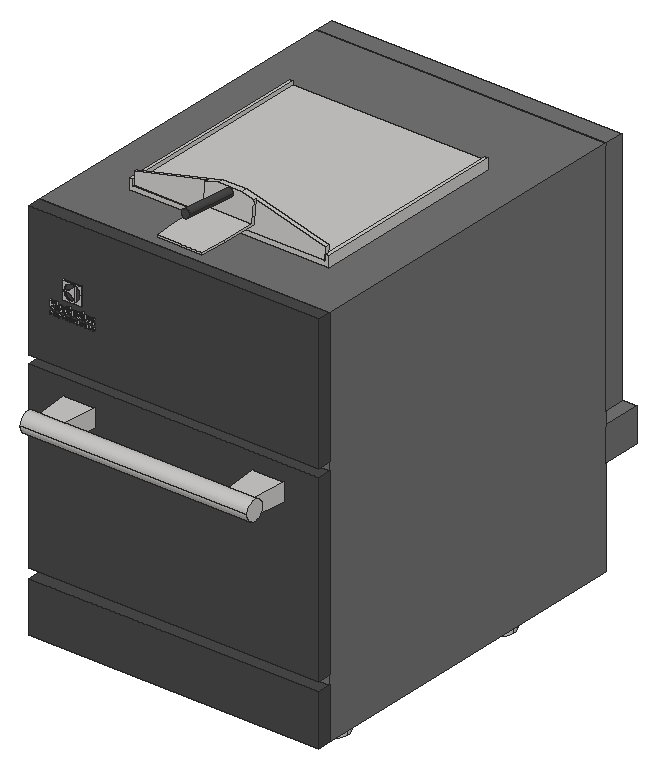
Revit family "QF_ELECTROLUXPROFESSIONAL_603955_EPRPROSITEU", category Specialty Equipment, Revit 2023 (continued)
Definition of nested family "ELX_Logo_Professional"
  Lines and regions (mm)
    symbolic lines
      curve 243: arc (15.15, -22.405, 0) -> (13.862, -23.694, 0) -> (12.573, -22.405, 0) r 1.288
      curve 244: arc (12.573, -22.405, 0) -> (13.862, -21.117, 0) -> (15.15, -22.405, 0) r 1.288
      curve 245: arc (15.926, -22.405, 0) -> (13.862, -20.34, 0) -> (11.797, -22.405, 0) r 2.065
      curve 246: line (19.217, -20.436, 0) -> (19.217, -24.327, 0)
      curve 247: line (19.217, -24.327, 0) -> (20.048, -24.327, 0)
      curve 248: line (20.048, -24.327, 0) -> (20.048, -21.88, 0)
      curve 249: line (20.048, -21.88, 0) -> (21.828, -24.327, 0)
      curve 250: line (21.828, -24.327, 0) -> (22.628, -24.327, 0)
      curve 251: line (22.628, -24.327, 0) -> (22.628, -20.436, 0)
      curve 252: line (22.628, -20.436, 0) -> (21.797, -20.436, 0)
      curve 253: line (21.797, -20.436, 0) -> (21.797, -22.956, 0)
      curve 254: line (21.797, -22.956, 0) -> (20.017, -20.436, 0)
      curve 255: line (20.017, -20.436, 0) -> (19.217, -20.436, 0)
      curve 256: line (27.374, -20.437, 0) -> (25.781, -24.327, 0)
      curve 257: line (25.781, -24.327, 0) -> (26.64, -24.327, 0)
      curve 258: line (26.64, -24.327, 0) -> (27.018, -23.487, 0)
      curve 259: line (27.018, -23.487, 0) -> (28.458, -23.487, 0)
      curve 260: line (28.458, -23.487, 0) -> (28.836, -24.327, 0)
      curve 261: line (28.836, -24.327, 0) -> (29.695, -24.327, 0)
      curve 262: line (29.695, -24.327, 0) -> (28.174, -20.437, 0)
      curve 263: line (28.174, -20.437, 0) -> (27.374, -20.437, 0)
      curve 264: line (27.322, -22.72, 0) -> (27.739, -21.702, 0)
      curve 265: line (27.739, -21.702, 0) -> (28.137, -22.72, 0)
      curve 266: line (28.137, -22.72, 0) -> (27.322, -22.72, 0)
      curve 267: line (32.87, -20.436, 0) -> (32.87, -24.327, 0)
      curve 268: line (32.87, -24.327, 0) -> (35.166, -24.327, 0)
      curve 269: line (35.166, -24.327, 0) -> (35.166, -23.527, 0)
      curve 270: line (35.166, -23.527, 0) -> (33.67, -23.527, 0)
      curve 271: line (33.67, -23.527, 0) -> (33.67, -20.436, 0)
      curve 272: line (33.67, -20.436, 0) -> (32.87, -20.436, 0)
  Dimensions and locks
    aligned and locked: plane 2 to Extrusion 1
    aligned and locked: level to Extrusion 1
